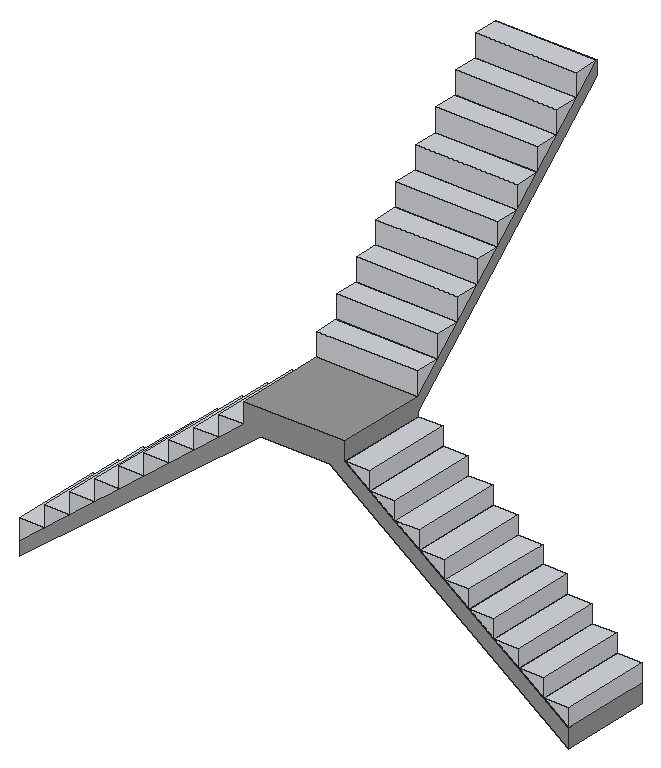
Revit family "BS_Thang OK", category Structural Framing, Revit 2024
Family settings
  Display in Hidden Views = Edges Hidden by Other Members
  Structural Framing Length Roundoff = 0 mm
  Section Shape = Not Defined
  Material for Model Behavior = Concrete
  Always export as geometry = No
  Work Plane-Based = No
  Always vertical = No
  Cut with Voids When Loaded = Yes
  Symbolic Representation = From Family
  Shared = Yes
  Show family pre-cut in plan views = Yes
Parameters
  y2 [instance] = 250 mm
  off [instance] = 215.627 mm
  h3 [instance] = 2000 mm
  goc3 [instance] = atan(h3 / b3)  # 42.2737°
  b3 [instance] = 2200 mm
  Số bậc vế 3 [instance] = Nbac3 - 1  # 9
  RongVe3 [instance] = 1000 mm
  RongVe12 [instance] = 900 mm
  h2 [instance] = h1 - y2  # 1750 mm
  h1 [instance] = 2000 mm
  goc2 [instance] = atan((h2 - CaoBac2) / b2)  # 35.5992°
  goc1 [instance] = atan((h1 - CaoBac1) / b1)  # 39.2894°
  Số bậc vế 2 [instance] = Nbac2 - 1  # 9
  RongBac3 [instance] = b3 / (Nbac3 - 1)  # 244.444 mm
  Nbac3 [instance] = 10
  DayVe3 [instance] = 100 mm
  DayVe2 [instance] = 150 mm
  CaoBac3 [instance] = h3 / (Nbac3 - 1)  # 222.222 mm
  CaoBac2 [instance] = h2 / (Nbac2 - 0)  # 175 mm
  CaoBac1 [instance] = h1 / (Nbac1 - 0)  # 200 mm
  b2 [instance] = 2200 mm
  b1 [instance] = 2200 mm
  Số bậc vế 1 [instance] = Nbac1 - 1  # 9
  RongBac2 [instance] = b2 / (Nbac2 - 1)  # 244.444 mm
  RongBac1 [instance] = b1 / (Nbac1 - 1)  # 244.444 mm
  Nbac2 [instance] = 10
  Nbac1 [instance] = 10
  Land4 [instance] = 250 mm
  Default Elevation = 0 mm
  DayVe1 [instance] = 150 mm
  Chieucaove1 [instance] = h1 - CaoBac1  # 1800 mm
Reference planes
  plane 1 "Center (Front/Back)": y = 0
  plane 2 "Lv1": z = 0
  plane 3 "Center (Left/Right)": x = 0
  plane 4: y = 900
  plane 5: x = 500
  plane 6: x = -500
  plane 7: x = 2700
  plane 8: x = -2700
  plane 9: y = 3100
  plane 10 "Lv3": z = 2000
  plane 11: z = 1750
  plane 12 "Lv2": z = 250
  plane 13 "Lv5": z = 1800
  plane 14 "Lv7": z = 200
  plane 15: x = -744.444
  plane 16 "Lv8": z = 1825
  plane 17 "Lv9": z = 4000
  plane 18 "Lv10": z = 3777.778
Forms (mm)
  Extrusion 1, solid, material "@VL"
    sketch origin (0, 0, 0) x (1, 0, 0) y (0, 0, 1)
      loop
        line (-2700, 0) -> (-2700, -133.795) -> (-324.233, 1750) -> (-500, 1750) -> (-500, 1800) -> (-2700, 0)
    from -900 to 0
  Extrusion 2, solid, material "@VL"
    sketch origin (0, 0, 0) x (1, 0, 0) y (0, 0, 1)
      loop
        line (2700, 250) -> (500, 1825) -> (500, 1750) -> (347.079, 1750) -> (2700, 65.523) -> (2700, 250)
    from 0 to -900
  Extrusion 3, solid, material "@VL"
    sketch origin (0, 0, 0) x (0, 1, 0) y (0, 0, 1)
      loop
        line (900, 2000) -> (0, 2000) -> (0, 1750) -> (900, 1750) -> (900, 1864.854) -> (3100, 3864.854) -> (3100, 4000) -> (900, 2000)
    from -500 to 500
Cuts and joins
  joined: Extrusion 1, Extrusion 2, Extrusion 3
Lines and regions (mm)
  reference lines
    curve 1: line (2700, 0, 250) -> (636.336, 0, 1727.396)
    curve 2: line (-2700, 0, 0) -> (-628.96, 0, 1694.487)
    curve 3: line (0, 900, 2000) -> (0, 2670.09, 3609.173)
    curve 4: line (-2700, 0, 0) -> (-3130.602, 0, 526.291)
    curve 5: line (2700, 0, 250) -> (3084.194, 0, 786.652)
    curve 6: line (0, 900, 2000) -> (0, 254.234, 2710.342)
Dimensions and locks
  equal spacing: plane 6, plane 3 "Center (Left/Right)", plane 5
  plane 1 "Center (Front/Back)" to plane 4 = 900 mm
  "h1": plane 10 "Lv3" to plane 2 "Lv1"
  "b1": plane 6 to plane 8
  plane 12 "Lv2" to plane 2 "Lv1" = 250 mm
  locked: curve 1 to plane 12 "Lv2"
  locked: plane 7 to curve 1
  "b2": plane 7 to plane 5
  "h2": plane 10 "Lv3" to plane 12 "Lv2"
  "Land4": plane 10 "Lv3" to plane 11
  "RongVe12": plane 1 "Center (Front/Back)" to plane 4
  "CaoBac1": plane 10 "Lv3" to plane 13 "Lv5"
  "CaoBac1": plane 14 "Lv7" to plane 2 "Lv1"
  "RongBac1": plane 6 to plane 15
  locked: curve 2 to level
  locked: curve 2 to plane 8
  "CaoBac2": plane 10 "Lv3" to plane 16 "Lv8"
  "DayVe1": Extrusion 1 sketch curve to Extrusion 1 sketch curve
  "RongVe3": plane 6 to plane 5
  "h3": plane 17 "Lv9" to plane 10 "Lv3"
  locked: curve 3 to plane 10 "Lv3"
  locked: curve 3 to plane 4
  "CaoBac3": plane 17 "Lv9" to plane 18 "Lv10"
  "DayVe2": Extrusion 2 sketch curve to curve 1
  "b3": plane 4 to plane 9
  plane 8 to plane 6 = 2200 mm
  plane 5 to plane 7 = 2200 mm
  "DayVe3": Extrusion 3 sketch curve to curve 3
  "goc1": angle plane 2 "Lv1" to curve 2
  "goc2": angle curve 1 to plane 12 "Lv2"
  "goc3": angle curve 3 to plane 10 "Lv3"
  locked: curve 4 to curve 2 (angle 90.00°)
  locked: curve 1 to curve 5 (angle 90.00°)
  locked: curve 6 to curve 3 (angle 90.00°)
  aligned and locked: level to plane 2 "Lv1"
  aligned and locked: Extrusion 1 sketch curve to curve 2
  aligned and locked: Extrusion 1 sketch curve to plane 6
  aligned and locked: Extrusion 1 sketch curve to plane 11
  aligned and locked: Extrusion 1 sketch curve to plane 8
  aligned and locked: Extrusion 1 to plane 4
  aligned and locked: plane 1 "Center (Front/Back)" to Extrusion 1
  aligned and locked: nested 1 to plane 1 "Center (Front/Back)"
  aligned and locked: Extrusion 2 sketch curve to curve 1
  aligned and locked: Extrusion 2 sketch curve to plane 5
  aligned and locked: Extrusion 2 sketch curve to plane 11
  aligned and locked: Extrusion 2 sketch curve to plane 7
  aligned and locked: Extrusion 2 to plane 4
  aligned and locked: plane 1 "Center (Front/Back)" to Extrusion 2
  aligned and locked: plane 1 "Center (Front/Back)" to cut or joined group of Extrusion 1, Extrusion 2, Extrusion 3
  aligned and locked: Extrusion 3 sketch curve to curve 3
  aligned and locked: plane 10 "Lv3" to Extrusion 3 sketch curve
  aligned and locked: plane 1 "Center (Front/Back)" to Extrusion 3 sketch curve
  aligned and locked: plane 4 to Extrusion 3 sketch curve
  aligned and locked: plane 9 to Extrusion 3 sketch curve
  aligned and locked: plane 5 to Extrusion 3
  aligned and locked: Extrusion 3 to plane 6
  aligned and locked: plane 11 to Extrusion 3 sketch curve
  aligned and locked: nested 11 to plane 4
  aligned and locked: nested 1 to curve 4
  aligned and locked: nested 11 to curve 5
  aligned and locked: nested 21 to plane 5
Automatic sketch dimensions
  Extrusion 1 sketch curve to level = 133.795 mm
Nested families
  nested 1: "BS_BacThangAr2r" at (-2700, 0, 0) x (0.774, 0, 0.6332) z (-0.6332, 0, 0.774), B <- "RongBac1", H <- "CaoBac1", L <- "RongVe12", N <- "Số bậc vế 1", type "BS_BacThangAr2r"
    with X 315.837 mm, N 9, L 900 mm, H 200 mm, B 244.444 mm
  nested 2: "BS_BacThang" at (-744.444, 900, 1600) x (-0.774, 0, -0.6332) z (-0.6332, 0, 0.774), type "BS_BacThang"
    with goc2 50.7106°, goc1 39.2894°, RongVeThang 900 mm, RongBac 244.444 mm, L 315.837 mm, CaoBac 200 mm
  nested 3: "BS_BacThang" at (-988.889, 900, 1400) x (-0.774, 0, -0.6332) z (-0.6332, 0, 0.774), type "BS_BacThang"
    with goc2 50.7106°, goc1 39.2894°, RongVeThang 900 mm, RongBac 244.444 mm, L 315.837 mm, CaoBac 200 mm
  nested 4: "BS_BacThang" at (-1233.333, 900, 1200) x (-0.774, 0, -0.6332) z (-0.6332, 0, 0.774), type "BS_BacThang"
    with goc2 50.7106°, goc1 39.2894°, RongVeThang 900 mm, RongBac 244.444 mm, L 315.837 mm, CaoBac 200 mm
  nested 5: "BS_BacThang" at (-1477.778, 900, 1000) x (-0.774, 0, -0.6332) z (-0.6332, 0, 0.774), type "BS_BacThang"
    with goc2 50.7106°, goc1 39.2894°, RongVeThang 900 mm, RongBac 244.444 mm, L 315.837 mm, CaoBac 200 mm
  nested 6: "BS_BacThang" at (-1722.222, 900, 800) x (-0.774, 0, -0.6332) z (-0.6332, 0, 0.774), type "BS_BacThang"
    with goc2 50.7106°, goc1 39.2894°, RongVeThang 900 mm, RongBac 244.444 mm, L 315.837 mm, CaoBac 200 mm
  nested 7: "BS_BacThang" at (-1966.667, 900, 600) x (-0.774, 0, -0.6332) z (-0.6332, 0, 0.774), type "BS_BacThang"
    with goc2 50.7106°, goc1 39.2894°, RongVeThang 900 mm, RongBac 244.444 mm, L 315.837 mm, CaoBac 200 mm
  nested 8: "BS_BacThang" at (-2211.111, 900, 400) x (-0.774, 0, -0.6332) z (-0.6332, 0, 0.774), type "BS_BacThang"
    with goc2 50.7106°, goc1 39.2894°, RongVeThang 900 mm, RongBac 244.444 mm, L 315.837 mm, CaoBac 200 mm
  nested 9: "BS_BacThang" at (-2455.556, 900, 200) x (-0.774, 0, -0.6332) z (-0.6332, 0, 0.774), type "BS_BacThang"
    with goc2 50.7106°, goc1 39.2894°, RongVeThang 900 mm, RongBac 244.444 mm, L 315.837 mm, CaoBac 200 mm
  nested 10: "BS_BacThang" at (-2700, 900, 0) x (-0.774, 0, -0.6332) z (-0.6332, 0, 0.774), type "BS_BacThang"
    with goc2 50.7106°, goc1 39.2894°, RongVeThang 900 mm, RongBac 244.444 mm, L 315.837 mm, CaoBac 200 mm
  nested 11: "BS_BacThangAr2r" at (2700, 900, 250) x (-0.8131, 0, 0.5821) z (0.5821, 0, 0.8131), L <- "RongVe12", B <- "RongBac2", H <- "CaoBac2", type "BS_BacThangAr2r"
    with X 300.629 mm, N 9, L 900 mm, H 175 mm, B 244.444 mm
  nested 12: "BS_BacThang" at (744.444, 0, 1650) x (0.8131, 0, -0.5821) z (0.5821, 0, 0.8131), type "BS_BacThang"
    with goc2 54.4008°, goc1 35.5992°, RongVeThang 900 mm, RongBac 244.444 mm, L 300.629 mm, CaoBac 175 mm
  nested 13: "BS_BacThang" at (988.889, 0, 1475) x (0.8131, 0, -0.5821) z (0.5821, 0, 0.8131), type "BS_BacThang"
    with goc2 54.4008°, goc1 35.5992°, RongVeThang 900 mm, RongBac 244.444 mm, L 300.629 mm, CaoBac 175 mm
  nested 14: "BS_BacThang" at (1233.333, 0, 1300) x (0.8131, 0, -0.5821) z (0.5821, 0, 0.8131), type "BS_BacThang"
    with goc2 54.4008°, goc1 35.5992°, RongVeThang 900 mm, RongBac 244.444 mm, L 300.629 mm, CaoBac 175 mm
  nested 15: "BS_BacThang" at (1477.778, 0, 1125) x (0.8131, 0, -0.5821) z (0.5821, 0, 0.8131), type "BS_BacThang"
    with goc2 54.4008°, goc1 35.5992°, RongVeThang 900 mm, RongBac 244.444 mm, L 300.629 mm, CaoBac 175 mm
  nested 16: "BS_BacThang" at (1722.222, 0, 950) x (0.8131, 0, -0.5821) z (0.5821, 0, 0.8131), type "BS_BacThang"
    with goc2 54.4008°, goc1 35.5992°, RongVeThang 900 mm, RongBac 244.444 mm, L 300.629 mm, CaoBac 175 mm
  nested 17: "BS_BacThang" at (1966.667, 0, 775) x (0.8131, 0, -0.5821) z (0.5821, 0, 0.8131), type "BS_BacThang"
    with goc2 54.4008°, goc1 35.5992°, RongVeThang 900 mm, RongBac 244.444 mm, L 300.629 mm, CaoBac 175 mm
  nested 18: "BS_BacThang" at (2211.111, 0, 600) x (0.8131, 0, -0.5821) z (0.5821, 0, 0.8131), type "BS_BacThang"
    with goc2 54.4008°, goc1 35.5992°, RongVeThang 900 mm, RongBac 244.444 mm, L 300.629 mm, CaoBac 175 mm
  nested 19: "BS_BacThang" at (2455.556, 0, 425) x (0.8131, 0, -0.5821) z (0.5821, 0, 0.8131), type "BS_BacThang"
    with goc2 54.4008°, goc1 35.5992°, RongVeThang 900 mm, RongBac 244.444 mm, L 300.629 mm, CaoBac 175 mm
  nested 20: "BS_BacThang" at (2700, 0, 250) x (0.8131, 0, -0.5821) z (0.5821, 0, 0.8131), type "BS_BacThang"
    with goc2 54.4008°, goc1 35.5992°, RongVeThang 900 mm, RongBac 244.444 mm, L 300.629 mm, CaoBac 175 mm
  nested 21: "BS_BacThangAr2r" at (500, 900, 2000) x (0, 0.7399, 0.6727) z (0, -0.6727, 0.7399), B <- "RongBac3", H <- "CaoBac3", L <- "RongVe3", type "BS_BacThangAr2r"
    with X 330.357 mm, N 9, L 1000 mm, H 222.222 mm, B 244.444 mm
  nested 22: "BS_BacThang" at (-500, 2855.556, 3777.778) x (0, -0.7399, -0.6727) z (0, -0.6727, 0.7399), type "BS_BacThang"
    with goc2 47.7263°, goc1 42.2737°, RongVeThang 1000 mm, RongBac 244.444 mm, L 330.357 mm, CaoBac 222.222 mm
  nested 23: "BS_BacThang" at (-500, 2611.111, 3555.556) x (0, -0.7399, -0.6727) z (0, -0.6727, 0.7399), type "BS_BacThang"
    with goc2 47.7263°, goc1 42.2737°, RongVeThang 1000 mm, RongBac 244.444 mm, L 330.357 mm, CaoBac 222.222 mm
  nested 24: "BS_BacThang" at (-500, 2366.667, 3333.333) x (0, -0.7399, -0.6727) z (0, -0.6727, 0.7399), type "BS_BacThang"
    with goc2 47.7263°, goc1 42.2737°, RongVeThang 1000 mm, RongBac 244.444 mm, L 330.357 mm, CaoBac 222.222 mm
  nested 25: "BS_BacThang" at (-500, 2122.222, 3111.111) x (0, -0.7399, -0.6727) z (0, -0.6727, 0.7399), type "BS_BacThang"
    with goc2 47.7263°, goc1 42.2737°, RongVeThang 1000 mm, RongBac 244.444 mm, L 330.357 mm, CaoBac 222.222 mm
  nested 26: "BS_BacThang" at (-500, 1877.778, 2888.889) x (0, -0.7399, -0.6727) z (0, -0.6727, 0.7399), type "BS_BacThang"
    with goc2 47.7263°, goc1 42.2737°, RongVeThang 1000 mm, RongBac 244.444 mm, L 330.357 mm, CaoBac 222.222 mm
  nested 27: "BS_BacThang" at (-500, 1633.333, 2666.667) x (0, -0.7399, -0.6727) z (0, -0.6727, 0.7399), type "BS_BacThang"
    with goc2 47.7263°, goc1 42.2737°, RongVeThang 1000 mm, RongBac 244.444 mm, L 330.357 mm, CaoBac 222.222 mm
  nested 28: "BS_BacThang" at (-500, 1388.889, 2444.444) x (0, -0.7399, -0.6727) z (0, -0.6727, 0.7399), type "BS_BacThang"
    with goc2 47.7263°, goc1 42.2737°, RongVeThang 1000 mm, RongBac 244.444 mm, L 330.357 mm, CaoBac 222.222 mm
  nested 29: "BS_BacThang" at (-500, 1144.444, 2222.222) x (0, -0.7399, -0.6727) z (0, -0.6727, 0.7399), type "BS_BacThang"
    with goc2 47.7263°, goc1 42.2737°, RongVeThang 1000 mm, RongBac 244.444 mm, L 330.357 mm, CaoBac 222.222 mm
  nested 30: "BS_BacThang" at (-500, 900, 2000) x (0, -0.7399, -0.6727) z (0, -0.6727, 0.7399), type "BS_BacThang"
    with goc2 47.7263°, goc1 42.2737°, RongVeThang 1000 mm, RongBac 244.444 mm, L 330.357 mm, CaoBac 222.222 mm
Definition of nested family "BS_BacThang"
  Parameters (values of type "BS_BacThang")
    goc2 [instance] = asin(RongBac / L)  # 55.0477°
    goc1 [instance] = acos(RongBac / L)  # 34.9523°
    RongVeThang [instance] = 800 mm
    RongBac [instance] = 774 mm
    L [instance] = sqrt(CaoBac ^ 2 + RongBac ^ 2)  # 944.329 mm
    Default Elevation = 1219.2 mm
    CaoBac [instance] = 541 mm
  Reference planes
    plane 1 "Center (Front/Back)": y = 0
    plane 2: z = 0
    plane 3 "Center (Left/Right)": x = 0
    plane 4: y = 800
    plane 5: x = -944.329
  Forms (mm)
    Extrusion 1, solid
      sketch origin (0, 0, 0) x (1, 0, 0) y (0, 1, 0)
        loop
          line (-1219.2, 1219.2) -> (-1219.2, -1219.2) -> (1219.2, -1219.2) -> (1219.2, 1219.2) -> (-1219.2, 1219.2)
      from 0 to -304.8
    Extrusion 2, solid
      sketch origin (0, 0, 0) x (1, 0, 0) y (0, 0, 1)
        loop
          line (0, 0) -> (-309.935, 443.42) -> (-944.329, 0) -> (0, 0)
      from 0 to -800
  Lines and regions (mm)
    reference lines
      curve 1: line (0, 0, 0) -> (-676.014, 0, 967.163)
      curve 2: line (72.012, 0, 710.388) -> (-944.329, 0, 0)
  Dimensions and locks
    "RongVeThang": plane 1 "Center (Front/Back)" to plane 4
    locked: plane 2 to curve 1
    locked: plane 3 "Center (Left/Right)" to curve 1
    locked: plane 2 to curve 2
    locked: curve 2 to plane 5
    Extrusion 2 to curve 1 = 541 mm
    Extrusion 2 to curve 2 = 774 mm
    "L": plane 3 "Center (Left/Right)" to plane 5
    "goc2": angle plane 2 to curve 1
    "goc1": angle curve 2 to plane 2
    locked: Extrusion 2 sketch curve to Extrusion 2 sketch curve (angle 90.00°)
    angle curve 1 to curve 2 = 90.00°
    aligned and locked: plane 2 to Extrusion 1
    aligned and locked: level to Extrusion 1
    aligned and locked: Extrusion 2 sketch curve to curve 2
    aligned and locked: Extrusion 2 sketch curve to curve 1
    aligned and locked: Extrusion 2 to plane 4
  Automatic sketch dimensions
    Extrusion 1 sketch curve to Extrusion 1 sketch curve = 2438.4 mm  (x2)
    Extrusion 2 sketch curve to plane 3 "Center (Left/Right)" = 0 mm
Definition of nested family "BS_BacThangAr2r"
  Parameters (values of type "BS_BacThangAr2r")
    X [instance] = sqrt(B ^ 2 + H ^ 2)  # 944.329 mm
    N [instance] = 9
    L [instance] = 480 mm
    H [instance] = 541 mm
    Default Elevation = 1219.2 mm
    B [instance] = 774 mm
  Reference planes
    plane 1 "Center (Front/Back)": y = 0
    plane 2: z = 0
    plane 3 "Center (Left/Right)": x = 0
    plane 4: x = 944.329
  Forms (mm)
    Extrusion 1, solid
      sketch origin (0, 0, 0) x (1, 0, 0) y (0, 1, 0)
        loop
          line (-1219.2, 1219.2) -> (-1219.2, -1219.2) -> (1219.2, -1219.2) -> (1219.2, 1219.2) -> (-1219.2, 1219.2)
      from 0 to -304.8
  Dimensions and locks
    "X": plane 3 "Center (Left/Right)" to plane 4
    equal spacing: group 1, group 2, group 3, group 4, group 5, group 6, group 7, group 8, group 9  (x3)
    aligned and locked: plane 2 to Extrusion 1
    aligned and locked: level to Extrusion 1
    aligned and locked: nested 1 to plane 3 "Center (Left/Right)"
    aligned and locked: nested 1 to plane 1 "Center (Front/Back)"
    aligned and locked: nested 2 to plane 4
    aligned and locked: nested 9 to plane 1 "Center (Front/Back)"
  Automatic sketch dimensions
    Extrusion 1 sketch curve to Extrusion 1 sketch curve = 2438.4 mm  (x2)
  Nested families
    nested 1: "BS_BacThang" at (0, 480, 0) x (-1, 0, 0) z (0, 0, 1), CaoBac <- "H", RongBac <- "B", RongVeThang <- "L", type "BS_BacThang"
      with goc2 55.0477°, goc1 34.9523°, RongVeThang 480 mm, RongBac 774 mm, L 944.329 mm, CaoBac 541 mm
    nested 2: "BS_BacThang" at (944.329, 520, 0) x (-1, 0, 0) z (0, 0, 1), CaoBac <- "H", RongBac <- "B", RongVeThang <- "L", type "BS_BacThang"
      with goc2 55.0477°, goc1 34.9523°, RongVeThang 480 mm, RongBac 774 mm, L 944.329 mm, CaoBac 541 mm
    nested 3: "BS_BacThang" at (1888.658, 560, 0) x (-1, 0, 0) z (0, 0, 1), CaoBac <- "H", RongBac <- "B", RongVeThang <- "L", type "BS_BacThang"
      with goc2 55.0477°, goc1 34.9523°, RongVeThang 480 mm, RongBac 774 mm, L 944.329 mm, CaoBac 541 mm
    nested 4: "BS_BacThang" at (2832.987, 600, 0) x (-1, 0, 0) z (0, 0, 1), CaoBac <- "H", RongBac <- "B", RongVeThang <- "L", type "BS_BacThang"
      with goc2 55.0477°, goc1 34.9523°, RongVeThang 480 mm, RongBac 774 mm, L 944.329 mm, CaoBac 541 mm
    nested 5: "BS_BacThang" at (3777.315, 640, 0) x (-1, 0, 0) z (0, 0, 1), CaoBac <- "H", RongBac <- "B", RongVeThang <- "L", type "BS_BacThang"
      with goc2 55.0477°, goc1 34.9523°, RongVeThang 480 mm, RongBac 774 mm, L 944.329 mm, CaoBac 541 mm
    nested 6: "BS_BacThang" at (4721.644, 680, 0) x (-1, 0, 0) z (0, 0, 1), CaoBac <- "H", RongBac <- "B", RongVeThang <- "L", type "BS_BacThang"
      with goc2 55.0477°, goc1 34.9523°, RongVeThang 480 mm, RongBac 774 mm, L 944.329 mm, CaoBac 541 mm
    nested 7: "BS_BacThang" at (5665.973, 720, 0) x (-1, 0, 0) z (0, 0, 1), CaoBac <- "H", RongBac <- "B", RongVeThang <- "L", type "BS_BacThang"
      with goc2 55.0477°, goc1 34.9523°, RongVeThang 480 mm, RongBac 774 mm, L 944.329 mm, CaoBac 541 mm
    nested 8: "BS_BacThang" at (6610.302, 760, 0) x (-1, 0, 0) z (0, 0, 1), CaoBac <- "H", RongBac <- "B", RongVeThang <- "L", type "BS_BacThang"
      with goc2 55.0477°, goc1 34.9523°, RongVeThang 480 mm, RongBac 774 mm, L 944.329 mm, CaoBac 541 mm
    nested 9: "BS_BacThang" at (7554.631, 800, 0) x (-1, 0, 0) z (0, 0, 1), CaoBac <- "H", RongBac <- "B", RongVeThang <- "L", type "BS_BacThang"
      with goc2 55.0477°, goc1 34.9523°, RongVeThang 480 mm, RongBac 774 mm, L 944.329 mm, CaoBac 541 mm
  Definition of nested family "BS_BacThang"
    Parameters (values of type "BS_BacThang")
      goc2 [instance] = asin(RongBac / L)  # 55.0477°
      goc1 [instance] = acos(RongBac / L)  # 34.9523°
      RongVeThang [instance] = 800 mm
      RongBac [instance] = 774 mm
      L [instance] = sqrt(CaoBac ^ 2 + RongBac ^ 2)  # 944.329 mm
      Default Elevation = 1219.2 mm
      CaoBac [instance] = 541 mm
    Reference planes
      plane 1 "Center (Front/Back)": y = 0
      plane 2: z = 0
      plane 3 "Center (Left/Right)": x = 0
      plane 4: y = 800
      plane 5: x = -944.329
    Forms (mm)
      Extrusion 1, solid
        sketch origin (0, 0, 0) x (1, 0, 0) y (0, 1, 0)
          loop
            line (-1219.2, 1219.2) -> (-1219.2, -1219.2) -> (1219.2, -1219.2) -> (1219.2, 1219.2) -> (-1219.2, 1219.2)
        from 0 to -304.8
      Extrusion 2, solid
        sketch origin (0, 0, 0) x (1, 0, 0) y (0, 0, 1)
          loop
            line (0, 0) -> (-309.935, 443.42) -> (-944.329, 0) -> (0, 0)
        from 0 to -800
    Lines and regions (mm)
      reference lines
        curve 1: line (0, 0, 0) -> (-676.014, 0, 967.163)
        curve 2: line (72.012, 0, 710.388) -> (-944.329, 0, 0)
    Dimensions and locks
      "RongVeThang": plane 1 "Center (Front/Back)" to plane 4
      locked: plane 2 to curve 1
      locked: plane 3 "Center (Left/Right)" to curve 1
      locked: plane 2 to curve 2
      locked: curve 2 to plane 5
      Extrusion 2 to curve 1 = 541 mm
      Extrusion 2 to curve 2 = 774 mm
      "L": plane 3 "Center (Left/Right)" to plane 5
      "goc2": angle plane 2 to curve 1
      "goc1": angle curve 2 to plane 2
      locked: Extrusion 2 sketch curve to Extrusion 2 sketch curve (angle 90.00°)
      angle curve 1 to curve 2 = 90.00°
      aligned and locked: plane 2 to Extrusion 1
      aligned and locked: level to Extrusion 1
      aligned and locked: Extrusion 2 sketch curve to curve 2
      aligned and locked: Extrusion 2 sketch curve to curve 1
      aligned and locked: Extrusion 2 to plane 4
    Automatic sketch dimensions
      Extrusion 1 sketch curve to Extrusion 1 sketch curve = 2438.4 mm  (x2)
      Extrusion 2 sketch curve to plane 3 "Center (Left/Right)" = 0 mm
